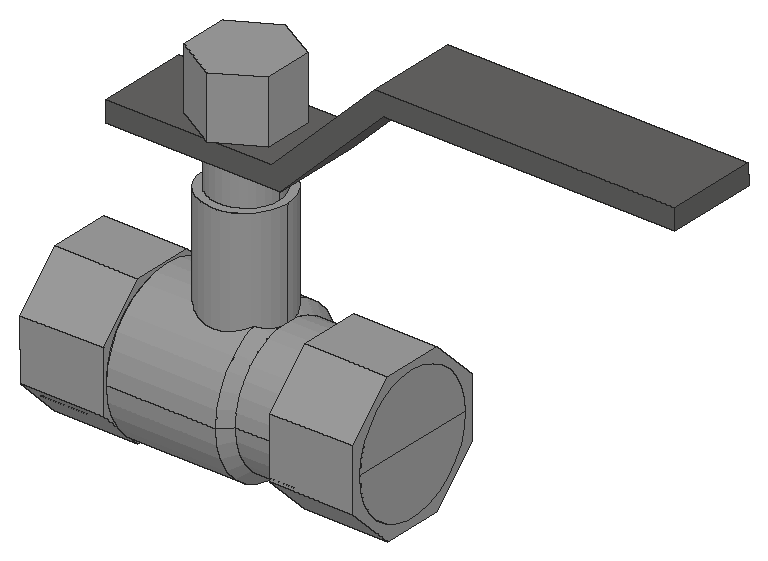
Revit family "good-2015_Valvula_Valvulas-Arco_Tajo", category Pipe Accessories, Revit 2015
Parameters (values of type "1H x 1H")
  Zona = ""
  VidaUtilEsperada = ""
  Version = "RVT2015"  # constant formula
  UnidadMedicion = ""
  Unidad = ""
  Uniclass2015Titulo = "Check valves"  # constant formula
  Uniclass2015Codigo = "65-54-95-13"  # constant formula
  URLProducto = ""
  URLPerfilProductoBimetica = "https://bimetica.com/es/valvula-tajo-3235.html"
  URL de Declaracion de Prestaciones = ""
  UNSPSCTitulo = "Ball valves"  # constant formula
  UNSPSCCodigo = "40141607"  # constant formula
  Type Comments = "Agua potable, agua caliente sanitaria y aire comprimido"  # constant formula
  Titular = "Vávulas Arco S.L "  # constant formula
  TipoEmbalajeProteccion = ""
  TiempoUtilDeVida = ""
  TiempoMedioEntreFallos = ""
  TemprerturaMinima = -20 °C
  TemperaturaMaxima = 140 °C  # constant formula
  TelefonoContacto = "0034 963 17 10 70"  # constant formula
  Tamano = 1"
  Sistema = "Agua potable, agua caliente sanitaria y aire comprimido"  # constant formula
  Serie = ""
  ResponsablePrescripcion = ""
  ResponsableCompra = ""
  ResiduosPeligrososPorUnidad = 0
  ResiduosNoPeligrososPorUnidad = 0
  ResiduoRadioactivoPorUnidad = 0
  ResiduoInertePorUnidad = 0
  ReferenciaLote = ""
  ReferenciaContactoSoporteTecnico = ""
  ReferenciaContactoComercialVenta = ""
  Referencia = "00007"
  R = Tamano / 2  # 1/2"
  PuntoDeContacto = ""
  PresionNominal = 5.00 bar  # constant formula
  PresionDeTrabajo = 0.00 bar
  PresionDePrueba = 0.00 bar
  PeriodoGarantia = ""
  PatronValvula = "STRAIGHT_2_PORT"  # constant formula
  PartidaURL = ""
  PaisVenta = ""
  OperacionValvula = "PALANCA"  # constant formula
  OmniclassTitulo = "Ball Valves"  # constant formula
  OmniclassCodigo = "23-27 31 15"  # constant formula
  NumeroSerie = ""
  NumeroArticuloGlobalComercial = ""
  NumeroArticulo = ""
  Numero de Licencia = "XXX-XXXX9536"  # constant formula
  Numero de Declaracion de Prestaciones = ""
  Normal = yes
  Model = "Tajo"  # constant formula
  MecanismoValvula = "BALL"  # constant formula
  MaterialEnvoltura = ""
  MaterialContenedor = ""
  MaterialCarcasa = Latón Europeo CW617N
  MasterformatTitulo = "Hydraulic Valves"  # constant formula
  MasterformatCodigo = "35 20 19"  # constant formula
  Marcado CE = yes
  Manufacturer = "Vávulas Arco S.L"  # constant formula
  Mantenimiento = ""
  LugarEnsamblaje = ""
  InstruccionesEspeciales = ""
  InformacionTecnica = ""
  IfcExportType = "Ball Valve"  # constant formula
  IfcExportAs = "IfcValve"  # constant formula
  IdentificadorGarantia = ""
  Historial = "(RVT2015-V01) Creación del elemento"  # constant formula
  GarantiaExtendida = yes
  FormacionFotoquimicaOzonoPorUnidad = 0
  FechaVencimientoElementoBIM = "11/02/2021"  # constant formula
  FechaSuministro = ""
  FechaInicioGarantia = ""
  FechaFinGarantia = ""
  FechaEvaluacion = 0
  FechaEmisionElementoBIM = "11/02/2020"  # constant formula
  FechaCompra = ""
  FechaColocacion = ""
  FaseCicloVida = ""
  FaltaDeRecursosPorUnidad = 0
  Exclusiones = ""
  EutrofizacionPorUnidad = 0
  EtiquetaModelo = ""
  Espacio = ""
  EnergiaRenovableConsumidaPorUnidad = 0
  EnergiaPrimariaTotalConsumidaPorUnidad = 0
  EnergiaNoRenovableConsumidaPorUnidad = 0
  Energia consumida = 0
  EmailContacto = "info@valvulasarco.es"  # constant formula
  DestruccionCapaOzonoEstratosfericaPorUnidad = 0
  Description = "Válvula esfera Turia mando palanca H-H"  # constant formula
  DescripcionGubimclass = "Válvulas e instrumentos de medida y control de flujo de fontanería"  # constant formula
  DescripcionEvaluacion = ""
  D Radio = D / 2  # 1/2"
  D = 1"
  CurvaSonido = 0
  Creditos LEED = ""
  Creditos BREEAM = ""
  CosteMantenimiento = 0
  Cost = 19.1
  ContenidoGarantia = ""
  Contacto = ""
  CondicionesEvaluacion = ""
  CondicionesDeVenta = ""
  CoeficienteDeCaudal = 45.8
  CodigoGubimclass = "50.10.20.10"  # constant formula
  CodigoBarras = ""
  Codigo = Referencia  # "00007"
  ClasificacionDeCierre = 0.00 bar
  CambioClimaticoPorUnidad = 0
  COBieCategoria = "IfcValve"  # constant formula
  C Radio = C Diametro / 2  # 8.100 mm
  C = 81.000 mm
  C Diametro = 0.2 * C  # 16.200 mm
  Cuerpo Longitud = 0.25 * A  # 20.000 mm
  Radio = (E Radio * 1.1) - E Radio  # 1.270 mm
  Tuerca Radio = Tuerca Diametro / 2  # 5.080 mm
  Tuerca Altura = 0.3 * Cuerpo Diametro  # 9.525 mm
  Tuerca Diametro = 0.4 * E  # 10.160 mm
  E Radio = 1/2"
  E = E Radio * 2  # 1"
  Longitud 1 = (A - 2 * Cuerpo Longitud) / 2  # 20.000 mm
  Longitud = A - 2 * Rosca Ancho  # 40.000 mm
  K Coefficient = 0.35
  Basico = not(Normal)  # no
  BasePrecioProducto03 = ""
  BasePrecioProducto02 = ""
  BasePrecioProducto01 = ""
  BIM Support = ""
  B Ancho = 22.000 mm
  B = 112.000 mm
  Cuerpo Radio = Cuerpo Diametro / 2  # 15.875 mm
  Autor = "Bimetica PDS"  # constant formula
  AnoProduccion = ""
  AguaConsumidaPorUnidad = 0
  AcidificacionAtmosfericaPorUnidad = 0
  Acabado = "Cromado"  # constant formula
  A = 80.000 mm
  Altura Cuerpo = 1.3 * Cuerpo Diametro  # 41.275 mm
  Cuerpo Diametro = 1.25 * E  # 31.750 mm
  Rosca Radio = Rosca Diametro / 2  # 17.780 mm
  Rosca Ancho = Cuerpo Longitud  # 20.000 mm
  Rosca Diametro = 1.4 * E  # 35.560 mm
Types (12, lengths in mm): name | Tamano | Referencia | R | Normal | D Radio | D | Cost | CoeficienteDeCaudal | Codigo | C Radio | C | C Diametro | Cuerpo Longitud | Radio | Tuerca Radio | Tuerca Altura | Tuerca Diametro | E Radio | E | Longitud 1 | Longitud | Basico | B | Cuerpo Radio | A | Altura Cuerpo | Cuerpo Diametro | Rosca Radio | Rosca Ancho | Rosca Diametro
  (no name) | 1" | "00007" | 1/2" | yes | 1/2" | 1" | 19.1 | 45.8 | "00007" | 8.100 | 81.000 | 16.200 | 20.000 | 1.270 | 5.080 | 9.525 | 10.160 | 1/2" | 1" | 20.000 | 40.000 | no | 112.000 | 15.875 | 80.000 | 41.275 | 31.750 | 17.780 | 20.000 | 35.560
  1/4H x 1/4H | 1/4" | "00003" | 1/8" | no | 1/8" | 1/4" | 8.2 | 0 | "00003" | 4.000 | 40.000 | 8.000 | 11.000 | 0.318 | 1.270 | 2.381 | 2.540 | 1/8" | 1/4" | 11.000 | 22.000 | yes | 68.000 | 3.969 | 44.000 | 10.319 | 7.938 | 4.445 | 11.000 | 8.890
  3/8H x 3/8H | 3/8" | "00004" | 3/16" | no | 3/16" | 3/8" | 8.2 | 0 | "00004" | 4.000 | 40.000 | 8.000 | 11.000 | 0.476 | 1.905 | 3.572 | 3.810 | 3/16" | 3/8" | 11.000 | 22.000 | yes | 68.000 | 5.953 | 44.000 | 15.478 | 11.906 | 6.667 | 11.000 | 13.335
  1/2H x 1/2H | 1/2" | "00005" | 1/4" | no | 1/4" | 1/2" | 8.82 | 16.1 | "00005" | 6.200 | 62.000 | 12.400 | 15.000 | 0.635 | 2.540 | 4.763 | 5.080 | 1/4" | 1/2" | 15.000 | 30.000 | yes | 93.000 | 7.938 | 60.000 | 20.638 | 15.875 | 8.890 | 15.000 | 17.780
  3/4H x 3/4H | 3/4" | "00006" | 3/8" | yes | 3/8" | 3/4" | 12.72 | 23.2 | "00006" | 7.000 | 70.000 | 14.000 | 16.500 | 0.953 | 3.810 | 7.144 | 7.620 | 3/8" | 3/4" | 16.500 | 33.000 | no | 93.000 | 11.906 | 66.000 | 30.956 | 23.812 | 13.335 | 16.500 | 26.670
  1H x 1H | 1" | "00007" | 1/2" | yes | 1/2" | 1" | 19.1 | 45.8 | "00007" | 8.100 | 81.000 | 16.200 | 20.000 | 1.270 | 5.080 | 9.525 | 10.160 | 1/2" | 1" | 20.000 | 40.000 | no | 112.000 | 15.875 | 80.000 | 41.275 | 31.750 | 17.780 | 20.000 | 35.560
  1-1/4H x 1-1/4H | 1 1/4" | "00008" | 5/8" | yes | 5/8" | 1 1/4" | 29.25 | 65.7 | "00008" | 9.000 | 90.000 | 18.000 | 22.250 | 1.588 | 6.350 | 11.906 | 12.700 | 5/8" | 1 1/4" | 22.250 | 44.500 | no | 112.000 | 19.844 | 89.000 | 51.594 | 39.688 | 22.225 | 22.250 | 44.450
  1-1/2H x 1-1/2H | 1 1/2" | "00009" | 3/4" | yes | 3/4" | 1 1/2" | 45.62 | 113.2 | "00009" | 10.700 | 107.000 | 21.400 | 27.000 | 1.905 | 7.620 | 14.288 | 15.240 | 3/4" | 1 1/2" | 27.000 | 54.000 | no | 152.000 | 23.812 | 108.000 | 61.913 | 47.625 | 26.670 | 27.000 | 53.340
  2H x 2H | 2" | "00010" | 1" | yes | 1" | 2" | 66.91 | 138.2 | "00010" | 12.700 | 127.000 | 25.400 | 31.250 | 2.540 | 10.160 | 19.050 | 20.320 | 1" | 2" | 31.250 | 62.500 | no | 152.000 | 31.750 | 125.000 | 82.550 | 63.500 | 35.560 | 31.250 | 71.120
  2-1/2H x 2-1/2H | 2 1/2" | "00011" | 1 1/4" | yes | 1 1/4" | 2 1/2" | 114.8 | 262.4 | "00011" | 14.200 | 142.000 | 28.400 | 37.500 | 3.175 | 12.700 | 23.813 | 25.400 | 1 1/4" | 2 1/2" | 37.500 | 75.000 | no | 172.000 | 39.688 | 150.000 | 103.188 | 79.375 | 44.450 | 37.500 | 88.900
  3H x 3H | 3" | "01109" | 1 1/2" | yes | 1 3/8" | 2 3/4" | 185.39 | 418.6 | "01109" | 20.000 | 200.000 | 40.000 | 40.000 | 3.493 | 13.970 | 26.194 | 27.940 | 1 3/8" | 2 3/4" | 40.000 | 80.000 | no | 240.000 | 43.656 | 160.000 | 113.506 | 87.313 | 48.895 | 40.000 | 97.790
  4H x 4H | 4" | "01110" | 2" | yes | 2" | 4" | 331.82 | 851.3 | "01110" | 21.500 | 215.000 | 43.000 | 47.500 | 5.080 | 20.320 | 38.100 | 40.640 | 2" | 4" | 47.500 | 95.000 | no | 240.000 | 63.500 | 190.000 | 165.100 | 127.000 | 71.120 | 47.500 | 142.240
Reference planes
  plane 1 "Center (Front/Back)": y = 0
  plane 2: z = 0
  plane 3 "Center (Left/Right)": x = 0
  plane 4: x = -40
  plane 5: x = 40
  plane 6: x = 112
  plane 7: y = 17.78
  plane 8: y = -17.78
  plane 9: x = -20
  plane 10: x = 20
  plane 11: x = 20
  plane 12: x = -20
  plane 13: y = 15.875
  plane 14: y = -15.875
  plane 15: z = 41.275
  plane 16: z = 81
  plane 17: z = 61.137
  plane 18: z = 71.069
  plane 19: z = 51.206
  plane 20: y = -11
  plane 21: y = 11
  plane 22: y = 40
  plane 23: x = 10
Forms (mm)
  Extrusion 1, solid, material "Latón Europeo CW617N" <- "MaterialCarcasa", detail levels fine
    sketch origin (0, 0, 0) x (0, 1, 0) y (0, 0, 1)
      loop
        line (17.78, 7.365) -> (7.365, 17.78) -> (-7.365, 17.78) -> (-17.78, 7.365) -> (-17.78, -7.365) -> (-7.365, -17.78) -> (7.365, -17.78) -> (17.78, -7.365) -> (17.78, 7.365)
    from 20 to 40
  Extrusion 2, solid, material "Latón Europeo CW617N" <- "MaterialCarcasa", detail levels fine
    sketch origin (0, 0, 0) x (0, 1, 0) y (0, 0, -1)
      loop
        line (7.365, -17.78) -> (17.78, -7.365) -> (17.78, 7.365) -> (7.365, 17.78) -> (-7.365, 17.78) -> (-17.78, 7.365) -> (-17.78, -7.365) -> (-7.365, -17.78) -> (7.365, -17.78)
    from 20 to 40
  Revolve 3, solid, material "Latón Europeo CW617N" <- "MaterialCarcasa", visible <- "Normal", detail levels fine
    sketch origin (0, 0, 0) x (1, 0, 0) y (0, 1, 0)
      loop
        line (-40, 0) -> (-40, -17.145) -> (-18.73, -17.145) -> (-18.73, -18.415) -> (7.46, -18.415) -> (10, -15.875) -> (40, -15.875) -> (40, 0) -> (-40, 0)
      axis (-40, 0) -> (40, 0)
    angle from 0 to 360
  Extrusion 4, solid, material "Latón Europeo CW617N" <- "MaterialCarcasa", detail levels fine
    sketch origin (0, 0, 0) x (1, 0, 0) y (0, 1, 0)
      loop
        circle (0, 0) r 10.16
    from 0 to 41.275
  Extrusion 5, solid, material "Latón Europeo CW617N" <- "MaterialCarcasa", detail levels fine
    sketch origin (0, 0, 0) x (1, 0, 0) y (0, 1, 0)
      loop
        circle (0, 0) r 8.1
    from 0 to 71.069
  Extrusion 6, solid, material "Latón Europeo CW617N" <- "MaterialCarcasa", detail levels fine
    sketch origin (0, 0, 0) x (1, 0, 0) y (0, 1, 0)
      loop
        line (0, 11.732) -> (-10.16, 5.866) -> (-10.16, -5.866) -> (0, -11.732) -> (10.16, -5.866) -> (10.16, 5.866) -> (0, 11.732)
    from 56.172 to 71.069
  Sweep 7, solid, material "Latón Europeo CW617N" <- "MaterialCarcasa", detail levels fine
    path in 3D
      loop
        line (-24.966, 0, 56.172) -> (15.034, 0, 56.172) -> (39.863, 0, 81) -> (112, 0, 81)
    profile origin (-4.966, 0, 56.172) x (0, 0, 1) y (0, -1, 0)
      loop
        line (0, 11) -> (-5.034, 11) -> (-5.034, -11) -> (0, -11) -> (0, 11)
  Revolve 8, solid, material "Latón Europeo CW617N" <- "MaterialCarcasa", visible <- "Basico", detail levels fine
    sketch origin (0, 0, 0) x (1, 0, 0) y (0, 1, 0)
      loop
        line (-20, -19.05) -> (20, -19.05) -> (20, 0) -> (-20, 0) -> (-20, -19.05)
      axis (20, 0) -> (-20, 0)
    angle from 0 to 360
Cuts and joins
  joined: Extrusion 1, Extrusion 2, Extrusion 4, Extrusion 5, Extrusion 6
Lines and regions (mm)
  reference lines
    curve 1: line (-24.966, 0, 56.172) -> (15.034, 0, 56.172)
    curve 2: line (15.034, 0, 56.172) -> (39.863, 0, 81)
    curve 3: line (39.863, 0, 81) -> (112, 0, 81)
  sketch lines
    curve 4: line (-24.966, 0, 56.172) -> (15.034, 0, 56.172)
    curve 5: line (15.034, 0, 56.172) -> (39.863, 0, 81)
    curve 6: line (39.863, 0, 81) -> (112, 0, 81)
  model lines, detail levels coarse+medium
    curve 7: circle (0, 0, 0) r 20 normal (0, 0, 1)
    curve 8: line (0, 20, 0) -> (0, 40, 0)
    curve 9: line (0, 40, 0) -> (112, 40, 0)
    curve 10: line (-40, 17.78, 0) -> (-40, -17.78, 0)
    curve 11: line (40, 17.78, 0) -> (40, -17.78, 0)
Dimensions and locks
  equal spacing: plane 4, plane 3 "Center (Left/Right)", plane 5
  "A": plane 4 to plane 5
  "B": plane 3 "Center (Left/Right)" to plane 6
  "Rosca Radio": plane 7 to plane 1 "Center (Front/Back)"
  equal spacing: plane 7, plane 1 "Center (Front/Back)", plane 8
  "Rosca Ancho": plane 4 to plane 9
  "Rosca Ancho": plane 10 to plane 5
  "Cuerpo Longitud": plane 11 to plane 5
  "Cuerpo Longitud": plane 4 to plane 12
  "Cuerpo Radio": plane 13 to plane 1 "Center (Front/Back)"
  equal spacing: plane 13, plane 1 "Center (Front/Back)", plane 14
  "Altura Cuerpo": plane 15 to plane 2
  "C": plane 16 to plane 2
  equal spacing: plane 16, plane 18, plane 17, plane 19, plane 15
  equal spacing: plane 20, plane 1 "Center (Front/Back)", plane 21
  "B Ancho": plane 20 to plane 21
  locked: Sweep 7 sketch curve to plane 17 at 10
  "Longitud": plane 22 to plane 1 "Center (Front/Back)"
  "Rosca Radio": Extrusion 2 sketch curve to plane 1 "Center (Front/Back)"
  "Rosca Radio": plane 1 "Center (Front/Back)" to Extrusion 2 sketch curve
  "Rosca Radio": Extrusion 2 sketch curve to plane 2
  "Rosca Radio": plane 2 to Extrusion 2 sketch curve
  "Rosca Radio": Extrusion 2 sketch curve to curve 10  (x4)
  "Rosca Radio": Extrusion 1 sketch curve to plane 1 "Center (Front/Back)"
  "Rosca Radio": plane 1 "Center (Front/Back)" to Extrusion 1 sketch curve  (x2)
  "Rosca Radio": Extrusion 1 sketch curve to plane 2
  "Rosca Radio": plane 2 to Extrusion 1 sketch curve
  "Rosca Radio": curve 10 to Extrusion 1 sketch curve  (x3)
  "Radio": Revolve 3 sketch curve to plane 14
  "Radio": Revolve 3 sketch curve to Revolve 3 sketch curve
  "Radio": plane 12 to Revolve 3 sketch curve
  equal spacing: plane 17, curve 1, plane 19
  plane 3 "Center (Left/Right)" to curve 1 = 24.966 mm
  "Tuerca Diametro": Extrusion 6 sketch curve to plane 3 "Center (Left/Right)"
  "Tuerca Diametro": plane 3 "Center (Left/Right)" to Extrusion 6 sketch curve
  "Tuerca Diametro": Extrusion 6 sketch curve to curve 7  (x4)
  equal spacing: plane 3 "Center (Left/Right)", plane 23, plane 10
  "Radio": Revolve 8 sketch curve to plane 8
  "Tuerca Diametro": radius of Extrusion 4 sketch curve
  "C Radio": radius of Extrusion 5 sketch curve
  "Cuerpo Longitud": radius of curve 7
  locked: plane 17 to curve 2 (angle 45.00°)
  locked: Extrusion 2 sketch curve to plane 1 "Center (Front/Back)" (angle 45.00°)  (x2)
  locked: plane 1 "Center (Front/Back)" to Extrusion 2 sketch curve (angle 45.00°)  (x2)
  locked: Extrusion 1 sketch curve to plane 1 "Center (Front/Back)" (angle 45.00°)  (x2)
  locked: plane 1 "Center (Front/Back)" to Extrusion 1 sketch curve (angle 45.00°)  (x2)
  locked: plane 14 to Revolve 3 sketch curve (angle 45.00°)
  locked: Extrusion 6 sketch curve to plane 3 "Center (Left/Right)" (angle 60.00°)  (x2)
  locked: plane 3 "Center (Left/Right)" to Extrusion 6 sketch curve (angle 60.00°)  (x2)
  aligned and locked: Extrusion 1 to plane 5
  aligned and locked: Extrusion 1 to plane 10
  aligned and locked: plane 9 to Extrusion 2
  aligned and locked: Extrusion 2 to plane 4
  aligned and locked: Revolve 3 sketch curve to plane 1 "Center (Front/Back)"
  aligned and locked: Revolve 3 sketch curve to Revolve 3 sketch curve
  aligned and locked: plane 3 "Center (Left/Right)" to Extrusion 4 sketch curve
  aligned and locked: plane 1 "Center (Front/Back)" to Extrusion 4 sketch curve
  aligned and locked: plane 15 to Extrusion 4
  aligned and locked: Extrusion 4 to level
  aligned and locked: plane 18 to Extrusion 6
  aligned and locked: plane 6 to curve 3
  aligned and locked: plane 20 to Sweep 7 sketch curve
  aligned and locked: Sweep 7 sketch curve to plane 21
  aligned and locked: plane 3 "Center (Left/Right)" to curve 7
  aligned and locked: plane 1 "Center (Front/Back)" to curve 7
  aligned and locked: curve 9 to plane 22
  aligned and locked: plane 6 to curve 9
  aligned and locked: plane 7 to curve 10
  aligned and locked: plane 8 to curve 10
  aligned and locked: plane 7 to curve 11
  aligned and locked: plane 8 to curve 11
  aligned and locked: cut or joined group of Extrusion 1, Extrusion 2, Extrusion 4, Extrusion 5, Extrusion 6 to plane 5
  aligned and locked: plane 14 to Revolve 3 sketch curve
  aligned and locked: Revolve 3 sketch curve to plane 4
  aligned and locked: Revolve 3 sketch curve to plane 5
  aligned and locked: curve 3 to plane 16
  aligned and locked: plane 18 to cut or joined group of Extrusion 1, Extrusion 2, Extrusion 4, Extrusion 5, Extrusion 6
  aligned and locked: curve 1 to cut or joined group of Extrusion 1, Extrusion 2, Extrusion 4, Extrusion 5, Extrusion 6
  aligned and locked: plane 23 to Revolve 3 sketch curve
  aligned and locked: Revolve 8 sketch curve to plane 1 "Center (Front/Back)"
  aligned and locked: Revolve 8 sketch curve to Revolve 8 sketch curve
  aligned and locked: plane 12 to Revolve 8 sketch curve
  aligned and locked: Revolve 8 sketch curve to plane 11
Automatic sketch dimensions
  curve 10 to plane 4 = 0.000 mm
  curve 9 to plane 3 "Center (Left/Right)" = 0.000 mm
  curve 11 to plane 5 = 0.000 mm
  profile plane to Sweep 7 sketch curve = 0.000 mm
  curve 2 to plane 10 = 4.966 mm
  plane 1 "Center (Front/Back)" to Extrusion 5 sketch curve = 0.000 mm
  Extrusion 5 sketch curve to plane 3 "Center (Left/Right)" = 0.000 mm
  Revolve 3 sketch curve to plane 9 = 0.000 mm
  Revolve 3 sketch curve to plane 10 = 0.000 mm
  Revolve 8 sketch curve to plane 4 = 1484.000 mm
  plane 6 to Revolve 8 sketch curve = 1412.000 mm
Connectors
  piping at (40, 0, 0), diameter 25.4, driven by "R", driven by "K Coefficient"
    settings: on Extrusion 1, index 1, connector inside diameter 2", connector length 0.000 mm, flow factor 0, pipe flow 0 GPM, pressure drop 0.00 bar, fitting loss kfactor 0.35, connector angle 0.00°, fixture units 0, engagement length 0.000 mm, angle of deflection 0.00°, flow configuration 0, flow direction 2, fitting loss method 2, system type 29, joint type 0, gender type 0, connector reference index 2, connector utility 0, adjustable connector no, is connector primary no, connector description ""
  piping at (-40, 0, 0), diameter 25.4, driven by "R"
    settings: on Extrusion 2, index 2, connector inside diameter 2", connector length 0.000 mm, flow factor 0, pipe flow 0 GPM, pressure drop 0.00 bar, fitting loss kfactor 0, connector angle 0.00°, fixture units 0, engagement length 0.000 mm, angle of deflection 0.00°, flow configuration 0, flow direction 1, fitting loss method 2, system type 29, joint type 0, gender type 0, connector reference index 1, connector utility 0, adjustable connector no, is connector primary yes, connector description ""
